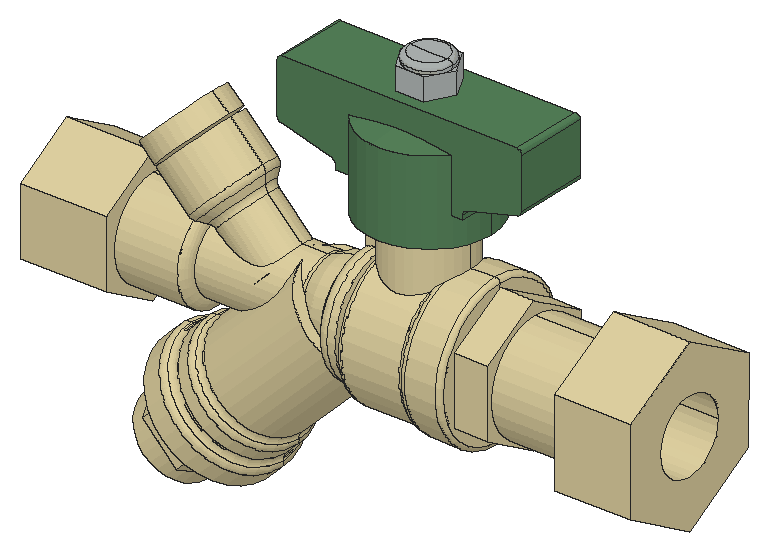
Revit family "QD36660000", category Apparecchi idraulici, Revit 2020
Family settings
  Quota connettore circolare = Usa diametro
  Tipo di parte = Normale
  Numero OmniClass = 23.45.00.00
  Titolo OmniClass = Sanitary, Laundry, and Cleaning Equipment
  Basato su piano di lavoro = No
  Sempre verticale = Sì
  Taglio con vuoti quando caricato = No
  Condiviso = No
  Punto di calcolo locali = No
Parameters
  URL = "https://web.cimberio.it/index.php/figura/1692?subcategoria_id=89"
  Temperatura di esercizio = "-20 ÷ 90°C"
  Prospetto di default = 0 mm
  Produttore = "CIMBERIO SPA"
  Pressione nominale = "PN 20"
  Modello = "Cim 627CRNL/5"
  Materiale = "Prodotto in lega di ottone conforme alla norma EN 12165-CW511L-DW nelle misure fino a 1\"1/4 e in lega di ottone conforme alla norma EN 1982-CC752S low lead nelle misure da 1\"1/2 a 2\""
  Descrizione = "Utilizzato nei più svariati settori dell'impiantistica: reti di distribuzione acqua potabile, impianti di riscaldamento, condizionamento, igienico-sanitari e in generale con ogni fluido non corrosivo."
  DN Model [instance] = QD36662099 : QD36662099
  DN [instance] = 15 mm
  Commenti sul tipo = "Realizzato in ottemperanza ai requisiti gestionali della norma EN ISO 9001.\r\nCollaudato al 100% secondo la normativa EN 12266-1"
Reference planes
  plane 1 "Centro (Fronte/Retro)": y = 0
  plane 2: z = 0
  plane 3 "Centro (Sinistra/Destra)": x = 0
Dimensions and locks
  aligned and locked: level to plane 2
Nested families
  nested 1: "QD36662099" at (0, 0, 0), type <- "DN Model", type "QD36662099"
    with Diametro DN singolo 15 mm, DN 10 mm
  nested 2: "QD36662099" at (0, 0, 0), type <- "DN Model", type "QD36662099"
    with Diametro DN singolo 20 mm, DN 10 mm
  nested 3: "QD36662099" at (0, 0, 0), type <- "DN Model", type "QD36662099"
    with Diametro DN singolo 20 mm, DN 10 mm
  nested 4: "QD36662099" at (0, 0, 0), type <- "DN Model", type "QD36662099"
    with Diametro DN singolo 25 mm, DN 10 mm
  nested 5: "QD36662099" at (0, 0, 0), type <- "DN Model", type "QD36662099"
    with Diametro DN singolo 25 mm, DN 10 mm
  nested 6: "QD36662099" at (0, 0, 0), type <- "DN Model", type "QD36662099"
    with Diametro DN singolo 32 mm, DN 10 mm
  nested 7: "QD36662099" at (0, 0, 0), type <- "DN Model", type "QD36662099"
    with Diametro DN singolo 32 mm, DN 10 mm
  nested 8: "QD36662099" at (0, 0, 0), type <- "DN Model", type "QD36662099"
    with Diametro DN singolo 32 mm, DN 10 mm
  nested 9: "QD36662099" at (0, 0, 0), type <- "DN Model", type "QD36662099"
    with Diametro DN singolo 40 mm, DN 10 mm
  nested 10: "QD36662099" at (0, 0, 0), type <- "DN Model", type "QD36662099"
    with Diametro DN singolo 40 mm, DN 10 mm
  nested 11: "QD36662099" at (0, 0, 0), type <- "DN Model", type "QD36662099"
    with Diametro DN singolo 50 mm, DN 10 mm
Connectors
  piping at (53.2, 0, 0), diameter 15, driven by "DN"
    settings: on nested 1, index 1, connector inside diameter 609.6 mm, connector length 0 mm, flow factor 0, pipe flow 0.0 L/s, pressure drop 0.0 Pa, fitting loss kfactor 0, connector angle 0.00°, fixture units 0, engagement length 0 mm, angle of deflection 0.00°, flow configuration 0, flow direction 0, fitting loss method 0, system type 7, joint type 0, gender type 0, connector reference index -1, connector utility 0, adjustable connector no, is connector primary yes, connector description ""
  piping at (-74, 0, 0), diameter 15, driven by "DN"
    settings: on nested 1, index 2, connector inside diameter 609.6 mm, connector length 0 mm, flow factor 0, pipe flow 0.0 L/s, pressure drop 0.0 Pa, fitting loss kfactor 0, connector angle 0.00°, fixture units 0, engagement length 0 mm, angle of deflection 0.00°, flow configuration 0, flow direction 0, fitting loss method 0, system type 7, joint type 0, gender type 0, connector reference index -1, connector utility 0, adjustable connector no, is connector primary no, connector description ""
Definition of nested family "QD36662099"
  Parameters (values of type "QD36662099")
    Default Elevation = 0 mm
    Diametro DN singolo [instance] = 15 mm
    DN [instance] = 10 mm  # constant formula
  Reference planes
    plane 1 "Centro (Fronte/Retro)": y = 0
    plane 2: z = 0
    plane 3 "Centro (Sinistra/Destra)": x = 0
  Forms (mm)
    Revolve 1, solid
      sketch origin (0, 0, 0.284) x (1, 0, 0) y (0, 0, 1)
        loop
          line (0, 51.516) -> (0, 49.733) -> (4.75, 49.733) -> (4.75, 50.516)
          arc (4.75, 50.516) -> (4.457, 51.223) -> (3.75, 51.516) r 1
          line (3.75, 51.516) -> (0, 51.516)
        axis (0, 51.516) -> (0, 49.733)
      angle from 0 to 360
    Revolve 2, solid
      sketch origin (0, 0, 0) x (1, 0, 0) y (0, 0, 1)
        loop
          line (14.5, -7.5) -> (-14.515, -7.5) -> (-14.515, -9.418)
          arc (-14.515, -9.418) -> (-13.96, -9.682) -> (-13.664, -10.221) r 1
          arc (-13.664, -10.221) -> (-13.426, -10.906) -> (-13, -11.494) r 2.5
          arc (-13, -11.494) -> (-12.177, -12.012) -> (-11.209, -12.098) r 2.073
          line (-11.209, -12.098) -> (-9.621, -12.098) -> (-7.332, -13.918)
          arc (-7.332, -13.918) -> (-6.994, -14.163) -> (-6.586, -14.25) r 1.005
          line (-6.586, -14.25) -> (5.249, -14.25)
          arc (5.249, -14.25) -> (5.659, -14.344) -> (6, -14.59) r 1.055
          arc (6, -14.59) -> (6.512, -14.96) -> (7.127, -15.1) r 1.583
          line (7.127, -15.1) -> (13.5, -15.25)
          arc (13.5, -15.25) -> (14.161, -15.002) -> (14.5, -14.383) r 1.015
          line (14.5, -14.383) -> (14.5, -7.5)
        axis (14.5, 0) -> (-14.515, 0)
      angle from 0 to 360
    Revolve 3, solid
      sketch origin (0, 0, 0) x (1, 0, 0) y (0, 0, 1)
        loop
          arc (-14.515, 9.418) -> (-17.326, 8.815) -> (-19.954, 7.651) r 14.005
          arc (-19.954, 7.651) -> (-20.338, 7.509) -> (-20.746, 7.5) r 1.237
          line (-20.746, 7.5) -> (-42.045, 7.5)
          arc (-42.045, 7.5) -> (-42.394, 8.941) -> (-43.413, 10.017) r 2.881
          line (-43.413, 10.017) -> (-56.412, 10.017) -> (-56.412, 6.5) -> (-14.515, 6.5) -> (-14.515, 9.418)
        axis (-56.412, 0) -> (-14.515, 0)
      angle from 0 to 360
    Extrusion 4, solid
      sketch origin (-11, 0, 0) x (0, 0, 1) y (0, 1, 0)
        loop
          circle (0, 0) r 7.5
        loop
          line (13.75, 0) -> (6.875, 11.908) -> (-6.875, 11.908) -> (-13.75, 0) -> (-6.875, -11.908) -> (6.875, -11.908) -> (13.75, 0)
      from 45.412 to 63
    Extrusion 5, solid
      sketch origin (66.912, 0, 0) x (0, 0, 1) y (0, 1, 0)
        loop
          circle (0, 0) r 7.5
        loop
          line (13.75, 0) -> (6.875, 11.908) -> (-6.875, 11.908) -> (-13.75, 0) -> (-6.875, -11.908) -> (6.875, -11.908) -> (13.75, 0)
      from 45.412 to 52.412
    Revolve 6, solid
      sketch origin (0, 0, 0) x (1, 0, 0) y (0, 0, 1)
        loop
          line (21.5, 11.1) -> (21.5, 7.5) -> (37.7, 7.5) -> (37.7, 11.1) -> (21.5, 11.1)
        axis (21.5, 0) -> (37.7, 0)
      angle from 0 to 360
    Extrusion 7, solid
      sketch origin (0, 0, 0) x (0, 1, 0) y (0, 0, 1)
        loop
          circle (0, 0) r 7.5
        loop
          line (0, 17.4) -> (-15.069, 8.7) -> (-15.069, -8.7) -> (0, -17.4) -> (15.069, -8.7) -> (15.069, 8.7) -> (0, 17.4)
      from 37.7 to 53.2
    Revolve 8, solid
      sketch origin (0, 0, 0) x (1, 0, 0) y (0, 0, 1)
        loop
          line (0, 27.296) -> (0, 10.626) -> (8.486, 10.626) -> (8.486, 27.296) -> (0, 27.296)
        axis (0, 27.296) -> (0, 10.626)
      angle from 0 to 360
    Extrusion 9, solid
      sketch origin (0, 0, 0) x (1, 0, 0) y (0, 0, 1)
        loop
          line (-8.5, 27.296) -> (-13, 27.296) -> (-13, 10.666) -> (-8.5, 10.666) -> (-8.5, 27.296)
      from -1.851 to 0
    Revolve 10, solid
      sketch origin (0, 0, 0) x (1, 0, 0) y (0, 0, 1)
        loop
          line (-40.565, 25.586) -> (-46.575, 19.575) -> (-29.447, 2.447) -> (-25.204, 6.69) -> (-32.849, 14.334)
          arc (-32.849, 14.334) -> (-33.282, 14.983) -> (-33.435, 15.748) r 2
          line (-33.435, 15.748) -> (-33.435, 17.627)
          arc (-33.435, 17.627) -> (-33.587, 18.392) -> (-34.02, 19.041) r 2
          line (-34.02, 19.041) -> (-40.565, 25.586)
        axis (-46.575, 19.575) -> (-29.447, 2.447)
      angle from 0 to 360
    Revolve 11, solid
      sketch origin (0, 0, 0) x (1, 0, 0) y (0, 0, 1)
        loop
          line (-43.27, -28.27) -> (-33.371, -38.17) -> (-30.337, -35.136)
          arc (-30.337, -35.136) -> (-29.888, -34.401) -> (-29.824, -33.542) r 1.833
          arc (-29.824, -33.542) -> (-29.712, -32.675) -> (-29.263, -31.941) r 1.833
          line (-29.263, -31.941) -> (-27.155, -29.832)
          arc (-27.155, -29.832) -> (-26.741, -29.196) -> (-26.62, -28.447) r 1.833
          arc (-26.62, -28.447) -> (-26.495, -27.698) -> (-26.081, -27.061) r 1.833
          line (-26.081, -27.061) -> (-7.868, -8.849) -> (-15.858, -0.858) -> (-43.27, -28.27)
        axis (-43.27, -28.27) -> (-15.858, -0.858)
      angle from 0 to 360
    Extrusion 12, solid
      sketch origin (-46.575, 0, 19.575) x (0.707107, 0, 0.707107) y (0, 1, 0)
        loop
          circle (0, 0) r 8.5
      from 0.5 to 5
    Extrusion 13, solid
      sketch origin (-43.27, 0, -28.27) x (0, 1, 0) y (0.707107, 0, -0.707107)
        loop
          line (0, -9.85) -> (8.53, -4.925) -> (8.53, 4.925) -> (0, 9.85) -> (-8.53, 4.925) -> (-8.53, -4.925) -> (0, -9.85)
      from 0 to 7
    Revolve 14, solid
      sketch origin (0, 0, 0) x (1, 0, 0) y (0, 0, 1)
        loop
          line (12.882, 22.799) -> (12.882, 39.858)
          arc (12.882, 39.858) -> (6.493, 41.103) -> (0, 41.57) r 53.993
          line (0, 41.57) -> (0, 28.799) -> (1.6, 28.799) -> (1.6, 22.799) -> (12.882, 22.799)
        axis (0, 41.57) -> (0, 22.799)
      angle from 0 to 360
    Extrusion 15, solid
      sketch origin (0, 0, 0) x (1, 0, 0) y (0, 0, 1)
        loop
          arc (-25, 34.567) -> (-24.793, 33.958) -> (-24.259, 33.601) r 1
          line (-24.259, 33.601) -> (-13.742, 30.783)
          arc (-13.742, 30.783) -> (-13.207, 30.426) -> (-13, 29.817) r 1
          line (-13, 29.817) -> (-13, 28.799) -> (13, 28.799) -> (13, 29.817)
          arc (13, 29.817) -> (13.206, 30.425) -> (13.74, 30.782) r 1
          line (13.74, 30.782) -> (24.259, 33.601)
          arc (24.259, 33.601) -> (24.793, 33.958) -> (25, 34.567) r 1
          line (25, 34.567) -> (25, 44.799)
          arc (25, 44.799) -> (24.707, 45.507) -> (24, 45.799) r 1
          line (24, 45.799) -> (-24, 45.799)
          arc (-24, 45.799) -> (-24.707, 45.507) -> (-25, 44.799) r 1
          line (-25, 44.799) -> (-25, 34.567)
      from -7.362 to 7.513
    Extrusion 16, solid
      sketch origin (0, 0, 28.55) x (1, 0, 0) y (0, 1, 0)
        loop
          line (5.774, 0) -> (2.887, 5) -> (-2.887, 5) -> (-5.774, 0) -> (-2.887, -5) -> (2.887, -5) -> (5.774, 0)
      from 17.249 to 21.749
    Extrusion 17, solid
      sketch origin (-47.893, 0, -32.839) x (-0.707107, 0, 0.707107) y (0, 1, 0)
        loop
          circle (0, 0) r 8.5
      from 0.5 to 5
  Dimensions and locks
    "Diametro DN singolo": diameter of Extrusion 4
    aligned and locked: level to plane 2
  Automatic sketch dimensions
    Revolve 1 sketch curve to plane 3 "Centro (Sinistra/Destra)" = 0 mm  (x2)
    plane 3 "Centro (Sinistra/Destra)" to Revolve 1 sketch curve = 3.75 mm
    Revolve 1 sketch curve to Revolve 1 sketch curve = 0 mm
    Revolve 1 sketch curve to Revolve 1 sketch curve = 1 mm
    level to Revolve 1 sketch curve = 50.016 mm
    Revolve 1 sketch curve to Revolve 1 sketch curve = 0.783 mm
    Revolve 1 sketch curve to Revolve 1 sketch curve = 1.783 mm
    Revolve 1 sketch curve to Revolve 1 sketch curve = 1.437 mm
    Revolve 1 sketch curve to Revolve 1 sketch curve = 1.354 mm
    Revolve 2 sketch curve to level = 0 mm
    Revolve 2 sketch curve to plane 3 "Centro (Sinistra/Destra)" = 14.647 mm
    Revolve 2 sketch curve to Revolve 2 sketch curve = 0.132 mm
    Revolve 2 sketch curve to Revolve 2 sketch curve = 3 mm
    Revolve 2 sketch curve to Revolve 2 sketch curve = 0.306 mm  (x2)
    Revolve 2 sketch curve to Revolve 2 sketch curve = 1.588 mm
    Revolve 2 sketch curve to Revolve 2 sketch curve = 2.289 mm
    Revolve 2 sketch curve to Revolve 2 sketch curve = 0.747 mm
    plane 3 "Centro (Sinistra/Destra)" to Revolve 2 sketch curve = 5.224 mm
    Revolve 2 sketch curve to Revolve 2 sketch curve = 0.025 mm
    Revolve 2 sketch curve to Revolve 2 sketch curve = 1.903 mm
    Revolve 2 sketch curve to Revolve 2 sketch curve = 0.037 mm
    Revolve 2 sketch curve to Revolve 2 sketch curve = 6.332 mm
    Revolve 2 sketch curve to Revolve 2 sketch curve = 0.004 mm
    Revolve 2 sketch curve to Revolve 2 sketch curve = 1.004 mm
    Revolve 2 sketch curve to level = 7.5 mm
    Revolve 2 sketch curve to Revolve 2 sketch curve = 1.918 mm
    Revolve 2 sketch curve to Revolve 2 sketch curve = 0.332 mm
    Revolve 2 sketch curve to Revolve 2 sketch curve = 0.298 mm
    Revolve 2 sketch curve to Revolve 2 sketch curve = 0.991 mm
    Revolve 2 sketch curve to Revolve 2 sketch curve = 2.051 mm
    Revolve 2 sketch curve to Revolve 2 sketch curve = 1.147 mm
    Revolve 2 sketch curve to Revolve 2 sketch curve = 6.018 mm
    Revolve 2 sketch curve to Revolve 2 sketch curve = 0.672 mm
    Revolve 2 sketch curve to Revolve 2 sketch curve = 0.718 mm
    Revolve 2 sketch curve to Revolve 2 sketch curve = 0.148 mm
    Revolve 2 sketch curve to Revolve 2 sketch curve = 1.582 mm
    Revolve 2 sketch curve to Revolve 2 sketch curve = 1.055 mm
    Revolve 2 sketch curve to Revolve 2 sketch curve = 63.049 mm
    Revolve 2 sketch curve to Revolve 2 sketch curve = 0 mm
    Revolve 2 sketch curve to Revolve 2 sketch curve = 45.5 mm
    Revolve 3 sketch curve to level = 0 mm
    level to Revolve 3 sketch curve = 10.017 mm
    Revolve 3 sketch curve to plane 3 "Centro (Sinistra/Destra)" = 56.412 mm
    Revolve 3 sketch curve to Revolve 3 sketch curve = 11.487 mm
    Revolve 3 sketch curve to Revolve 3 sketch curve = 1.512 mm
    Revolve 3 sketch curve to Revolve 3 sketch curve = 1.368 mm
    level to Revolve 3 sketch curve = 7.5 mm
    Revolve 3 sketch curve to plane 3 "Centro (Sinistra/Destra)" = 20.746 mm
    Revolve 3 sketch curve to Revolve 3 sketch curve = 0.177 mm
    Revolve 3 sketch curve to Revolve 3 sketch curve = 6.231 mm
    Revolve 3 sketch curve to level = 4.505 mm
    Revolve 3 sketch curve to Revolve 3 sketch curve = 1.517 mm
    Revolve 3 sketch curve to Revolve 3 sketch curve = 1 mm
    Revolve 3 sketch curve to Revolve 3 sketch curve = 1.224 mm
    Revolve 3 sketch curve to Revolve 3 sketch curve = 2.918 mm
    Revolve 3 sketch curve to Revolve 3 sketch curve = 19.589 mm
    Revolve 3 sketch curve to Revolve 3 sketch curve = 5.665 mm
    Extrusion 4 sketch curve to plane 1 "Centro (Fronte/Retro)" = 0 mm  (x3)
    Extrusion 4 sketch curve to level = 0 mm
    Extrusion 4 sketch curve to level = 6.875 mm  (x2)
    Extrusion 4 sketch curve to Extrusion 4 sketch curve = 6.875 mm  (x2)
    level to Extrusion 4 sketch curve = 6.875 mm  (x2)
    plane 1 "Centro (Fronte/Retro)" to Extrusion 4 sketch curve = 11.908 mm
    Extrusion 4 sketch curve to plane 1 "Centro (Fronte/Retro)" = 11.908 mm
    Extrusion 5 sketch curve to plane 1 "Centro (Fronte/Retro)" = 0 mm  (x3)
    Extrusion 5 sketch curve to level = 0 mm
    Extrusion 5 sketch curve to level = 6.875 mm  (x2)
    Extrusion 5 sketch curve to Extrusion 5 sketch curve = 6.875 mm
    level to Extrusion 5 sketch curve = 6.875 mm  (x2)
    level to Extrusion 5 sketch curve = 13.75 mm
    plane 1 "Centro (Fronte/Retro)" to Extrusion 5 sketch curve = 11.908 mm
    Extrusion 5 sketch curve to plane 1 "Centro (Fronte/Retro)" = 11.908 mm
    Revolve 6 sketch curve to level = 0 mm
    level to Revolve 6 sketch curve = 7.5 mm
    plane 3 "Centro (Sinistra/Destra)" to Revolve 6 sketch curve = 21.5 mm
    Revolve 6 sketch curve to Revolve 6 sketch curve = 16.2 mm
    Revolve 6 sketch curve to Revolve 6 sketch curve = 3.6 mm
    plane 3 "Centro (Sinistra/Destra)" to Revolve 6 sketch curve = 11.331 mm
    Revolve 6 sketch curve to Revolve 6 sketch curve = 6.509 mm
    Extrusion 7 sketch curve to plane 1 "Centro (Fronte/Retro)" = 0 mm  (x3)
    Extrusion 7 sketch curve to level = 0 mm
    plane 1 "Centro (Fronte/Retro)" to Extrusion 7 sketch curve = 15.069 mm
    Extrusion 7 sketch curve to plane 1 "Centro (Fronte/Retro)" = 15.069 mm
    Extrusion 7 sketch curve to level = 8.7 mm  (x2)
    Extrusion 7 sketch curve to Extrusion 7 sketch curve = 8.7 mm  (x2)
    level to Extrusion 7 sketch curve = 8.7 mm  (x2)
    Revolve 8 sketch curve to plane 3 "Centro (Sinistra/Destra)" = 0 mm  (x2)
    plane 3 "Centro (Sinistra/Destra)" to Revolve 8 sketch curve = 8.486 mm
    level to Revolve 8 sketch curve = 10.626 mm
    Revolve 8 sketch curve to Revolve 8 sketch curve = 16.67 mm
    Revolve 8 sketch curve to Revolve 8 sketch curve = 2.75 mm
    Revolve 8 sketch curve to Revolve 8 sketch curve = 5.818 mm
    Extrusion 9 sketch curve to plane 3 "Centro (Sinistra/Destra)" = 13 mm
    Extrusion 9 sketch curve to Extrusion 9 sketch curve = 4.5 mm
    level to Extrusion 9 sketch curve = 10.666 mm
    Extrusion 9 sketch curve to Extrusion 9 sketch curve = 16.631 mm
    level to Revolve 10 sketch curve = 19.575 mm
    Revolve 10 sketch curve to plane 3 "Centro (Sinistra/Destra)" = 46.575 mm
    level to Revolve 10 sketch curve = 25.586 mm
    Revolve 10 sketch curve to Revolve 10 sketch curve = 6.01 mm
    Revolve 10 sketch curve to Revolve 10 sketch curve = 5.13 mm
    level to Revolve 10 sketch curve = 19.041 mm
    Revolve 10 sketch curve to Revolve 10 sketch curve = 2 mm
    level to Revolve 10 sketch curve = 14.334 mm
    Revolve 10 sketch curve to Revolve 10 sketch curve = 0.586 mm
    Revolve 10 sketch curve to Revolve 10 sketch curve = 1.414 mm
    level to Revolve 10 sketch curve = 2.447 mm
    level to Revolve 10 sketch curve = 20.45 mm
    Revolve 10 sketch curve to Revolve 10 sketch curve = 0.875 mm
    level to Revolve 10 sketch curve = 1.545 mm
    Revolve 10 sketch curve to Revolve 10 sketch curve = 0.902 mm
    Revolve 11 sketch curve to level = 0 mm
    Revolve 11 sketch curve to plane 3 "Centro (Sinistra/Destra)" = 43.27 mm
    Revolve 11 sketch curve to Revolve 11 sketch curve = 9.899 mm
    Revolve 11 sketch curve to Revolve 11 sketch curve = 1.738 mm
    Revolve 11 sketch curve to Revolve 11 sketch curve = 1.296 mm  (x8)
    Revolve 11 sketch curve to Revolve 11 sketch curve = 2.37 mm  (x2)
    Revolve 11 sketch curve to Revolve 11 sketch curve = 0.812 mm
    Revolve 11 sketch curve to level = 0.858 mm
    Revolve 11 sketch curve to plane 3 "Centro (Sinistra/Destra)" = 15.858 mm
    Revolve 11 sketch curve to level = 8.849 mm
    Revolve 11 sketch curve to plane 3 "Centro (Sinistra/Destra)" = 7.868 mm
    Revolve 11 sketch curve to Revolve 11 sketch curve = 1.899 mm
    Revolve 11 sketch curve to Revolve 11 sketch curve = 2.771 mm
    Revolve 11 sketch curve to Revolve 11 sketch curve = 2.191 mm  (x2)
    Revolve 11 sketch curve to Revolve 11 sketch curve = 0.513 mm
    Revolve 11 sketch curve to Revolve 11 sketch curve = 0.049 mm
    Revolve 11 sketch curve to Revolve 11 sketch curve = 0.535 mm
    Revolve 11 sketch curve to Revolve 11 sketch curve = 0.004 mm
    Revolve 11 sketch curve to Revolve 11 sketch curve = 0.858 mm
    Extrusion 12 sketch curve to Extrusion 12 sketch curve = 0 mm  (x2)
    plane 1 "Centro (Fronte/Retro)" to Extrusion 12 sketch curve = 0 mm
    Extrusion 12 sketch curve to Extrusion 12 sketch curve = 8.5 mm
    Extrusion 13 sketch curve to Revolve 11 = 0 mm  (x2)
    Revolve 11 to Extrusion 13 sketch curve = 8.53 mm
    Extrusion 13 sketch curve to Revolve 11 = 8.53 mm
    Extrusion 13 sketch curve to Extrusion 13 sketch curve = 4.925 mm  (x3)
    Extrusion 13 sketch curve to Extrusion 13 sketch curve = 9.85 mm  (x2)
    Revolve 14 sketch curve to plane 3 "Centro (Sinistra/Destra)" = 0 mm  (x2)
    Revolve 14 sketch curve to plane 3 "Centro (Sinistra/Destra)" = 0.619 mm
    plane 3 "Centro (Sinistra/Destra)" to Revolve 14 sketch curve = 1.6 mm
    Revolve 14 sketch curve to Revolve 14 sketch curve = 11.282 mm
    Revolve 14 sketch curve to level = 12.42 mm
    level to Revolve 14 sketch curve = 22.799 mm
    Revolve 14 sketch curve to Revolve 14 sketch curve = 6 mm
    Revolve 14 sketch curve to Revolve 14 sketch curve = 11.059 mm
    Revolve 14 sketch curve to Revolve 14 sketch curve = 5.919 mm
    Revolve 14 sketch curve to Revolve 14 sketch curve = 11.639 mm
    Extrusion 15 sketch curve to plane 3 "Centro (Sinistra/Destra)" = 24 mm
    Extrusion 15 sketch curve to Extrusion 15 sketch curve = 0 mm  (x15)
    Extrusion 15 sketch curve to Extrusion 15 sketch curve = 10 mm
    Extrusion 15 sketch curve to Extrusion 15 sketch curve = 0.258 mm
    Extrusion 15 sketch curve to Extrusion 15 sketch curve = 1 mm  (x6)
    plane 3 "Centro (Sinistra/Destra)" to Extrusion 15 sketch curve = 13 mm
    Extrusion 15 sketch curve to Extrusion 15 sketch curve = 0.74 mm
    Extrusion 15 sketch curve to Extrusion 15 sketch curve = 10.26 mm
    level to Extrusion 15 sketch curve = 28.799 mm
    Extrusion 15 sketch curve to Extrusion 15 sketch curve = 1.017 mm  (x2)
    Extrusion 15 sketch curve to Extrusion 15 sketch curve = 3.784 mm  (x2)
    Extrusion 15 sketch curve to Extrusion 15 sketch curve = 10.233 mm  (x2)
    Extrusion 15 sketch curve to Extrusion 15 sketch curve = 0.259 mm  (x2)
    plane 1 "Centro (Fronte/Retro)" to Extrusion 16 sketch curve = 0 mm  (x2)
    Extrusion 16 sketch curve to plane 3 "Centro (Sinistra/Destra)" = 5.774 mm
    Extrusion 16 sketch curve to plane 3 "Centro (Sinistra/Destra)" = 2.887 mm  (x2)
    plane 3 "Centro (Sinistra/Destra)" to Extrusion 16 sketch curve = 2.887 mm  (x2)
    Extrusion 16 sketch curve to Extrusion 16 sketch curve = 2.887 mm
    plane 1 "Centro (Fronte/Retro)" to Extrusion 16 sketch curve = 5 mm
    Extrusion 16 sketch curve to plane 1 "Centro (Fronte/Retro)" = 5 mm
    Extrusion 17 sketch curve to Extrusion 17 sketch curve = 0 mm  (x2)
    Extrusion 17 sketch curve to plane 1 "Centro (Fronte/Retro)" = 0 mm
    Extrusion 17 sketch curve to Extrusion 17 sketch curve = 8.5 mm
    radius of Extrusion 4 sketch curve = 7.5 mm
    radius of Extrusion 5 sketch curve = 7.5 mm
    radius of Extrusion 7 sketch curve = 7.5 mm
